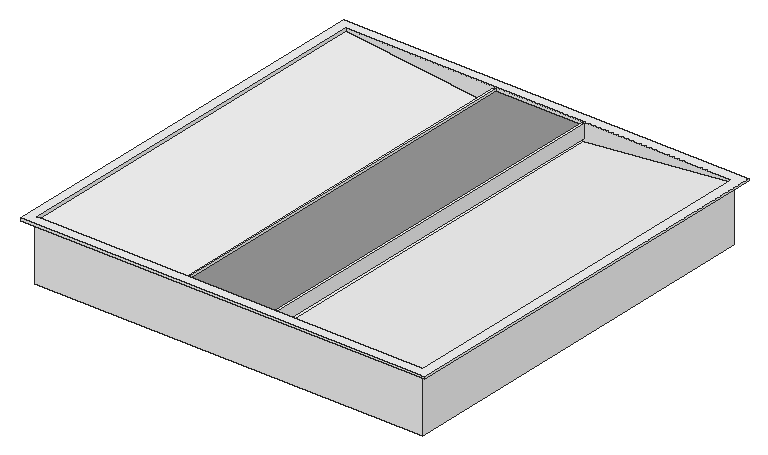
Revit family "2069247 Sylvania Lighting Fixture OFFICELYTE 600 HE 4K SSH01", category Lighting Fixtures, host Face, Revit 2017
Family settings
  Host = Face
  Round Connector Dimension = Use Diameter
  Part Type = Normal
  OmniClass Number = 23.80.70.11.17
  OmniClass Title = Specialized Lighting by Location or Use
  Cut with Voids When Loaded = No
  Light Source = Yes
  Shared = No
  Room Calculation Point = No
Parameters (values of type "2069247 OFFICELYTE 600 HE 4K SSH01")
  Width_SYL = 595.0 mm
  Weight = "6.1 kg"
  Wattage = 25 W
  WarrantyStartDate [instance] = "n/a"
  WarrantyGuarantorParts = "n/a"
  WarrantyDurationUnit = "n/a"
  WarrantyDurationParts = "n/a"
  WarrantyDescription = "n/a"
  built-in parameter 1150110 = 1 (stored number, unit not read)
  Voltage = 230 V
  URL = "http://www.sylvania-lighting.com"
  TypeName = "OFFICELYTE 600 HE 4K SSH01"
  built-in parameter 1114217 = 1 (stored number, unit not read)
  Tilt Angle = -90.00°
  built-in parameter 1150109 = 1 (stored number, unit not read)
  built-in parameter 1150134 = 12
  built-in parameter 1150113 = 1 (stored number, unit not read)
  SerialNumber [instance] = "n/a"
  PowerFactor = 0.95
  PowerConsumption = "25 W"
  Photometric Web File = "2069247.ies"
  NominalWidth = 0.0 mm
  NominalLength = 595.0 mm
  NominalHeight = 87.0 mm
  Name = "OFFICELYTE 600 HE 4K SSH01"
  ModelReference = "OFFICELYTE 600 HE 4K SSH01"
  ModelNumber = "2069247"
  Material = "zintec housing, acrylic diffuser"
  ManufacturerName = "Feilo Sylvania"
  LuminousEfficacy = "142 lm/W"
  LuminaireType = ""
  LightOutputRatio = "100"
  Length_SYL = Width_SYL  # 595.0 mm
  LampsType = Lamp  # "LED"
  LampNominalLuminous = "3545 lm"
  LampMacAdamStep = "3"
  LampColourTemperature = "4000 K"
  LampColourRenderingIndex = "80"
  Keynote = "16500"
  InstallationDate [instance] = "n/a"
  InputVoltage = "230-240V~"
  InputNominalFrequency = "50/60 Hz"
  IngressProtection = "IP20"
  ImpactProtectionIndex = "IK02"
  IfcExportType = "IfcLightFixtureType"
  IfcExportAs = "IfcLightFixtureType"
  Height_SYL = 84.0 mm
  ExpectedLife = 50000
  ElectricShockClassification = "Class II"
  DurationUnit = "hours"
  DocumentationLiterature = "http://www.sylvania-lighting.com/product/en-int/products/2069247"
  DimmingControlOptions = "n/a"
  Material_2_SYL = Acrylic_Sylvania_Officelyte LP LED_Satin_4000K
  CreatedOn = "8/23/2018"
  CreatedBy = ""
  built-in parameter 1114216 [instance] = 1 (stored number, unit not read)
  Model = "OFFICELYTE 600 HE 4K SSH01"
  Manufacturer = "Havells-Sylvania Group"  # constant formula
  built-in parameter 1150105 = 282.5 (stored number, unit not read)
  Lumens = 3550 lm
  built-in parameter 1150115 = 1 (stored number, unit not read)
  built-in parameter 1150137 = (empty or 0)
  built-in parameter 1150139 = (empty or 0)
  built-in parameter 1150112 = 1 (stored number, unit not read)
  built-in parameter 1150114 = 1 (stored number, unit not read)
  Lamp = "LED"
  built-in parameter 1150132 = 2
  built-in parameter 1150102 = (empty or 0)
  built-in parameter 1150107 = 4000 (stored number, unit not read)
  built-in parameter 1150138 = (empty or 0)
  built-in parameter 1150106 = 2.825 (stored number, unit not read)
  Material_3_SYL = Steel_Sylvania_Officelyte LP LED_White_RAL 9016
  Emit from Rectangle Width = Width_SYL - 31.0 mm  # 564.0 mm
  Emit from Rectangle Length = Length_SYL - 31.0 mm  # 564.0 mm
  Emit Shape Visible in Rendering = no
  built-in parameter 1150104 = 13.192 (stored number, unit not read)
  Dimming Lamp Color Temperature Shift = <None>
  Material_1_SYL = Steel_Sylvania_Officelyte LP LED_White_RAL 9016
  Description = "The Concord OFFICELYTE LP LED HO 4K 600 is a high efficient luminaire for Office, education, meeting rooms. With efficacy of 95lm/W, at 4549lm, CRI of 85 and a very low glare ratio according to EN12464."  # constant formula
  Default Elevation = 0.0 mm
  Color Filter = 16777215
  built-in parameter 1140040 [instance] = 1
  BarCode [instance] = "n/a"
  built-in parameter 1114218 = 1 (stored number, unit not read)
  built-in parameter 1150133 = 10 (stored number, unit not read)
  AssetType = "Fixed"
  AssetIdentifier [instance] = "n/a"
  Assembly Code = "D5020200"
  Apparent Load = 25 VA
Reference planes
  plane 1 "Center (Front/Back)": y = 0
  plane 2: z = 0
  plane 3 "Center (Left/Right)": x = 0
  plane 4 "Fixture Bottom": z = 3
  plane 5 "Fixture Right": x = 297.5
  plane 6 "Profile Right": x = 284
  plane 7 "Profile Left": x = -284
  plane 8 "Fixture Left": x = -297.5
  plane 9 "Profile Back": y = 284
  plane 10 "Fixture Back": y = 297.5
  plane 11 "Fixture Front": y = -297.5
  plane 12: z = -25
  plane 13 "Box Right": x = 286
  plane 14 "Box Left": x = -286
  plane 15 "Box Back": y = 286
  plane 16 "Box Front": y = -286
  plane 17: x = 66.5
  plane 18: x = -66.5
  plane 19 "Difuser Right": x = 63.5
  plane 20 "Difuser Left": x = -63.5
  plane 21: z = -2
  plane 22: z = -4
  plane 23 "Profile Front": y = -284
  plane 24 "Fixture Top": z = -84
  plane 25 "Box Thickness": z = -82
  plane 26: z = -20
Forms (mm)
  Extrusion 1, void
    sketch origin (0, 0, 59) x (-1, 0, 0) y (0, -1, 0)
      loop
        line (-286, -286) -> (286, -286) -> (286, 286) -> (-286, 286) -> (-286, -286)
    from -141 to -56
  Extrusion 2, solid, material "Steel_Sylvania_Officelyte LP LED_White_RAL 9016" <- "Material_3_SYL", detail levels fine
    sketch origin (20, 0, 59) x (-1, 0, 0) y (0, -1, 0)
      loop
        line (-277.5, -297.5) -> (317.5, -297.5) -> (317.5, 297.5) -> (-277.5, 297.5) -> (-277.5, -297.5)
      loop
        line (304, -284) -> (304, 284) -> (-264, 284) -> (-264, -284) -> (304, -284)
    from -59 to -56
  Extrusion 3, solid, material "Steel_Sylvania_Officelyte LP LED_White_RAL 9016" <- "Material_3_SYL", detail levels fine
    sketch origin (0, 0, 0) x (1, 0, 0) y (0, 0, 1)
      loop
        arc (-65.868, -23.244) -> (-175.523, -17.552) -> (-284, -0.537) r 1059.086
        line (-284, -0.537) -> (-284, -2.581)
        arc (-284, -2.581) -> (-175.521, -19.563) -> (-65.868, -25.244) r 1061.086
        line (-65.868, -25.244) -> (65.87, -25.244)
        arc (65.87, -25.244) -> (175.522, -19.563) -> (284, -2.581) r 1061.094
        line (284, -2.581) -> (284, -0.538)
        arc (284, -0.538) -> (175.524, -17.552) -> (65.87, -23.244) r 1059.094
        line (65.87, -23.244) -> (-65.868, -23.244)
    from -284 to 284
  Extrusion 4, solid, material "Steel_Sylvania_Officelyte LP LED_White_RAL 9016" <- "Material_3_SYL", detail levels fine
    sketch origin (0, 0, 59) x (-1, 0, 0) y (0, -1, 0)
      loop
        line (284, -284) -> (284, 284) -> (-284, 284) -> (-284, -284) -> (284, -284)
      loop
        line (286, -286) -> (286, 286) -> (-286, 286) -> (-286, -286) -> (286, -286)
    from -141 to -59
  Extrusion 5, solid, material "Steel_Sylvania_Officelyte LP LED_White_RAL 9016" <- "Material_3_SYL", detail levels fine
    sketch origin (0, 0, 59) x (-1, 0, 0) y (0, -1, 0)
      loop
        line (66.5, -284) -> (66.5, 284) -> (63.5, 284) -> (63.5, -284) -> (66.5, -284)
      loop
        line (-66.5, 284) -> (-66.5, -284) -> (-63.5, -284) -> (-63.5, 284) -> (-66.5, 284)
    from -79 to -59
  Extrusion 6, solid, material "Acrylic_Sylvania_Officelyte LP LED_Satin_4000K" <- "Material_2_SYL", detail levels fine
    sketch origin (0, 0, -581) x (-1, 0, 0) y (0, -1, 0)
      loop
        line (-63.5, -284) -> (63.5, -284) -> (63.5, 284) -> (-63.5, 284) -> (-63.5, -284)
    from 577 to 579
  Extrusion 7, solid, material "Steel_Sylvania_Officelyte LP LED_White_RAL 9016" <- "Material_1_SYL", detail levels coarse+medium
    sketch origin (0, 0, 59) x (-1, 0, 0) y (0, -1, 0)
      loop
        line (297.5, -297.5) -> (297.5, 297.5) -> (-297.5, 297.5) -> (-297.5, -297.5) -> (297.5, -297.5)
    from -59 to -56
  Extrusion 8, solid, material "Steel_Sylvania_Officelyte LP LED_White_RAL 9016" <- "Material_1_SYL", detail levels coarse+medium
    sketch origin (0, 0, -501) x (-1, 0, 0) y (0, -1, 0)
      loop
        line (286, -286) -> (286, 286) -> (-286, 286) -> (-286, -286) -> (286, -286)
    from 417 to 501
  Extrusion 9, solid, material "Steel_Sylvania_Officelyte LP LED_White_RAL 9016" <- "Material_3_SYL", detail levels fine
    sketch origin (0, 0, 59) x (-1, 0, 0) y (0, -1, 0)
      loop
        line (-286, -286) -> (286, -286) -> (286, 286) -> (-286, 286) -> (-286, -286)
    from -143 to -141
Cuts and joins
  joined: Extrusion 2, Extrusion 4, Extrusion 9
  joined: Extrusion 3, Extrusion 5
Lines and regions (mm)
  symbolic lines
    curve 1: line (-297.5, 297.5, 59) -> (297.5, 297.5, 59)
    curve 2: line (-297.5, -297.5, 59) -> (-297.5, 297.5, 59)
    curve 3: line (297.5, -297.5, 59) -> (-297.5, -297.5, 59)
    curve 4: line (297.5, 297.5, 59) -> (297.5, -297.5, 59)
Dimensions and locks
  "Height_SYL": host face to plane 24 "Fixture Top"
  locked: plane 25 "Box Thickness" to plane 24 "Fixture Top" at 2
  "Width_SYL": plane 10 "Fixture Back" to plane 11 "Fixture Front"
  "Length_SYL": plane 8 "Fixture Left" to plane 5 "Fixture Right"
  equal spacing: plane 10 "Fixture Back", plane 1 "Center (Front/Back)", plane 11 "Fixture Front"
  equal spacing: plane 8 "Fixture Left", plane 3 "Center (Left/Right)", plane 5 "Fixture Right"
  locked: plane 18 to plane 20 "Difuser Left" at 3
  locked: plane 19 "Difuser Right" to plane 17 at 3
  plane 8 "Fixture Left" to plane 14 "Box Left" to plane 7 "Profile Left" = 11.5 mm locked, 2.0 mm locked
  plane 10 "Fixture Back" to plane 15 "Box Back" to plane 9 "Profile Back" = 11.5 mm locked, 2.0 mm locked
  plane 6 "Profile Right" to plane 13 "Box Right" to plane 5 "Fixture Right" = 2.0 mm locked, 11.5 mm locked
  plane 23 "Profile Front" to plane 16 "Box Front" to plane 11 "Fixture Front" = 2.0 mm locked, 11.5 mm locked
  plane 4 "Fixture Bottom" to plane 2 to plane 21 to plane 22 to plane 12 = 3.0 mm locked, 2.0 mm locked, 2.0 mm locked, 21.0 mm locked
  aligned and locked: plane 2 to host face
  aligned and locked: level to host face
  aligned and locked: plane 1 "Center (Front/Back)" to imposter light
  aligned and locked: plane 10 "Fixture Back" to Extrusion 2
  aligned and locked: plane 8 "Fixture Left" to Extrusion 2
  aligned and locked: Extrusion 2 to plane 7 "Profile Left"
  aligned and locked: Extrusion 2 to plane 5 "Fixture Right"
  aligned and locked: plane 6 "Profile Right" to Extrusion 2
  aligned and locked: Extrusion 2 to plane 11 "Fixture Front"
  aligned and locked: plane 4 "Fixture Bottom" to Extrusion 2
  aligned and locked: plane 18 to Extrusion 5 sketch curve
  aligned and locked: Extrusion 5 sketch curve to plane 17
  aligned and locked: plane 19 "Difuser Right" to Extrusion 5 sketch curve
  aligned and locked: Extrusion 5 sketch curve to plane 20 "Difuser Left"
  aligned and locked: plane 19 "Difuser Right" to Extrusion 6 sketch curve
  aligned and locked: Extrusion 6 sketch curve to plane 20 "Difuser Left"
  aligned and locked: plane 21 to Extrusion 6
  aligned and locked: Extrusion 6 to plane 22
  aligned and locked: Extrusion 7 sketch curve to plane 10 "Fixture Back"
  aligned and locked: plane 5 "Fixture Right" to Extrusion 7 sketch curve
  aligned and locked: plane 11 "Fixture Front" to Extrusion 7 sketch curve
  aligned and locked: Extrusion 7 sketch curve to plane 8 "Fixture Left"
  aligned and locked: plane 4 "Fixture Bottom" to Extrusion 7
  aligned and locked: Extrusion 8 to plane 24 "Fixture Top"
  aligned and locked: level to Extrusion 8
  aligned and locked: plane 5 "Fixture Right" to curve 4
  aligned and locked: curve 1 to plane 10 "Fixture Back"
  aligned and locked: curve 2 to plane 8 "Fixture Left"
  aligned and locked: plane 11 "Fixture Front" to curve 3
  aligned and locked: plane 9 "Profile Back" to Extrusion 4
  aligned and locked: Extrusion 4 sketch curve to plane 9 "Profile Back"
  aligned and locked: Extrusion 4 to Extrusion 1
  aligned and locked: imposter light to Extrusion 1
  aligned and locked: Extrusion 9 to plane 24 "Fixture Top"
  aligned and locked: plane 25 "Box Thickness" to Extrusion 9
  aligned and locked: cut or joined group of Extrusion 2, Extrusion 4, Extrusion 9 to plane 25 "Box Thickness"
  aligned and locked: Extrusion 4 sketch curve to plane 13 "Box Right"
  aligned and locked: plane 15 "Box Back" to Extrusion 4 sketch curve
  aligned and locked: Extrusion 4 sketch curve to plane 14 "Box Left"
  aligned and locked: plane 16 "Box Front" to Extrusion 4 sketch curve
  aligned and locked: Extrusion 9 sketch curve to plane 16 "Box Front"
  aligned and locked: plane 13 "Box Right" to Extrusion 9 sketch curve
  aligned and locked: Extrusion 9 sketch curve to plane 15 "Box Back"
  aligned and locked: Extrusion 9 sketch curve to plane 14 "Box Left"
  aligned and locked: plane 7 "Profile Left" to cut or joined group of Extrusion 3, Extrusion 5
  aligned and locked: cut or joined group of Extrusion 3, Extrusion 5 to plane 6 "Profile Right"
  aligned and locked: plane 9 "Profile Back" to cut or joined group of Extrusion 3, Extrusion 5
  aligned and locked: cut or joined group of Extrusion 3, Extrusion 5 to plane 23 "Profile Front"
  aligned and locked: plane 23 "Profile Front" to Extrusion 5 sketch curve
  aligned and locked: Extrusion 5 sketch curve to plane 9 "Profile Back"
  aligned and locked: Extrusion 8 sketch curve to plane 13 "Box Right"
  aligned and locked: plane 15 "Box Back" to Extrusion 8 sketch curve
  aligned and locked: plane 16 "Box Front" to Extrusion 8 sketch curve
  aligned and locked: plane 14 "Box Left" to Extrusion 8 sketch curve
  aligned and locked: Extrusion 1 sketch curve to Extrusion 8  (x4)
  aligned and locked: Extrusion 6 sketch curve to plane 23 "Profile Front"
  aligned and locked: plane 9 "Profile Back" to Extrusion 6 sketch curve
  aligned and locked: cut or joined group of Extrusion 3, Extrusion 5 to plane 26
  aligned and locked: plane 4 "Fixture Bottom" to imposter light
Automatic sketch dimensions
  host sketch curve to host sketch curve = 1305.563 mm
  host sketch curve to host sketch curve = 1414.187 mm
  Extrusion 2 sketch curve to plane 5 "Fixture Right" = 0.0 mm
  Extrusion 2 sketch curve to plane 6 "Profile Right" = 0.0 mm
  Extrusion 2 sketch curve to plane 7 "Profile Left" = 0.0 mm
  Extrusion 2 sketch curve to plane 8 "Fixture Left" = 0.0 mm
  Extrusion 2 sketch curve to plane 10 "Fixture Back" = 0.0 mm
  plane 9 "Profile Back" to Extrusion 2 sketch curve = 0.0 mm
  Extrusion 2 sketch curve to plane 23 "Profile Front" = 0.0 mm
  Extrusion 2 sketch curve to plane 11 "Fixture Front" = 0.0 mm
  Extrusion 3 sketch curve to Extrusion 3 sketch curve = 0.0 mm  (x2)
  Extrusion 3 sketch curve to Extrusion 3 sketch curve = 0.001 mm  (x2)
  Extrusion 3 sketch curve to level = 0.537 mm
  plane 14 "Box Left" to Extrusion 3 sketch curve = 2.0 mm
  Extrusion 3 sketch curve to plane 12 = 0.244 mm
  plane 18 to Extrusion 3 sketch curve = 0.632 mm
  Extrusion 3 sketch curve to plane 17 = 0.63 mm
  Extrusion 3 sketch curve to level = 0.538 mm
  Extrusion 3 sketch curve to plane 13 "Box Right" = 2.0 mm
  Extrusion 3 sketch curve to level = 23.244 mm
  Extrusion 4 sketch curve to plane 6 "Profile Right" = 0.0 mm
  Extrusion 4 sketch curve to plane 7 "Profile Left" = 0.0 mm
  Extrusion 4 sketch curve to plane 23 "Profile Front" = 0.0 mm
  Extrusion 5 sketch curve to plane 9 "Profile Back" = 0.0 mm
  Extrusion 5 sketch curve to plane 23 "Profile Front" = 0.0 mm
Connectors
  electrical at (0, 0, -84), driven by "Apparent Load"
    settings: on Extrusion 8, index 1, voltage 230 V, apparent load 0 VA, apparent load phase1 25 VA, apparent load phase2 0 VA, apparent load phase3 0 VA, power factor 1, load classification "Lighting", number of poles 1, system type 31, power factor state 1, is connector primary yes, connector utility no, sub classification motor no, connector description ""
